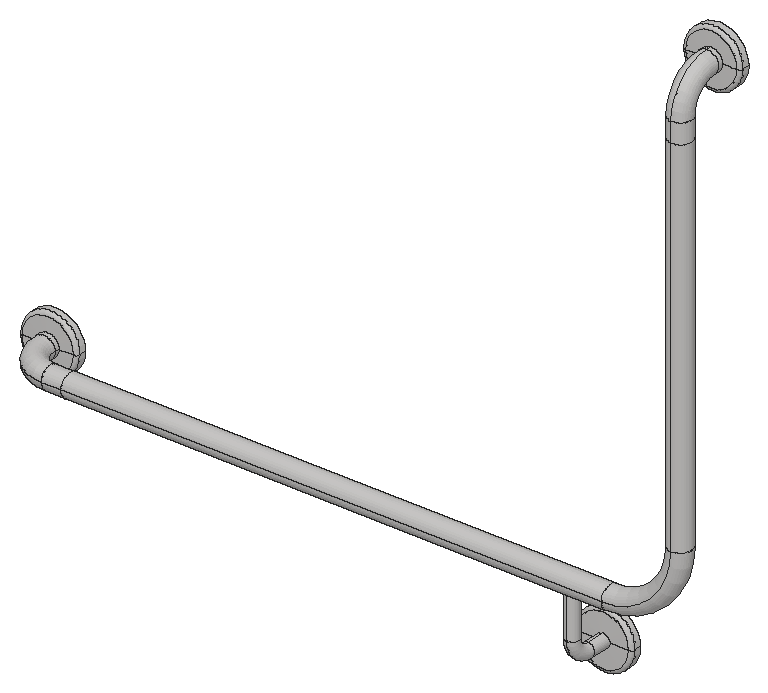
Revit family "RBA4090-901", category Plumbing Fixtures, Revit 2021
Family settings
  Round Connector Dimension = Use Diameter
  Part Type = Normal
  Work Plane-Based = No
  Always vertical = Yes
  Cut with Voids When Loaded = No
  Shared = No
  Room Calculation Point = No
Parameters (values of type "RBA4090-901")
  Watermarked By = "www.rba.com.au"
  URL = "www.rba.com.au"
  R_Void [instance] = 15.00 mm
  R [instance] = 0.00 mm
  Phone Number = ""
  Modified Issue = "20180918.01"
  Model = "RBA4090-901"
  Materials and Finishes = Stainless Steel, Satin Finish
  Manufacturer Model = "B819436"
  Manufacturer = "RBA Group"
  Description = "90° Angled Grab Rails"
  Default Elevation = 0.00 mm
  Copyrighted by = "RBA Group"  # constant formula
  Assembly Code = ""
Reference planes
  plane 1 "Center (Front/Back)": y = 0
  plane 2: z = 0
  plane 3: x = 40.5
  plane 4: z = -30
  plane 5: z = 30
  plane 6: x = 70.5
  plane 7: x = 10.5
  plane 8: x = 990.5
  plane 9: x = 515.5
  plane 10: z = 670
  plane 11: z = 730
  plane 12: x = 960.5
  plane 13: x = 1020.5
  plane 14: z = 700
  plane 15: z = -130
  plane 16: z = -70
  plane 17: x = 865.5
  plane 18: x = 805.5
  plane 19: x = 835.5
  plane 20: z = -100
  plane 21: x = 974.5
  plane 22: z = 16
  plane 23: y = -70
  plane 24: y = -86
  plane 25: y = -54
  plane 26: y = -79.5
  plane 27: y = -60.5
Forms (mm)
  Extrusion 1, solid, material "Rail Steel"
    sketch origin (40.5, -2.628, 315.907) x (0, 0, -1) y (-1, 0, 0)
      loop
        circle (315.907, 0) r 40
    from -0.219 to 2.628
  Revolve 2, solid, material "Rail Steel"
    sketch origin (40.5, 18.663, 0) x (0, -1, 0) y (1, 0, 0)
      loop
        line (18.663, 0) -> (18.663, -41.5) -> (27.844, -41.5)
        arc (27.844, -41.5) -> (31.337, -40.077) -> (32.842, -36.617) r 5
        line (32.842, -36.617) -> (33.701, 0) -> (18.663, 0)
      axis (18.663, 0) -> (33.701, 0)
    angle from 0 to 360
  Extrusion 3, void
    sketch origin (40.5, 34.941, 315.907) x (0, 0, -1) y (-1, 0, 0)
      loop
        circle (315.907, -30) r 5
      loop
        circle (315.907, 30) r 5
    from -37.788 to -30
  Sweep 4, solid, material "Rail Steel"
    path origin (40.5, 12.454, 0) x (0, -1, 0) y (-1, 0, 0)
      loop
        line (12.454, 0) -> (34.454, 0)
        arc (34.454, 0) -> (68.395, -14.059) -> (82.454, -48) r 48
        line (82.454, -48) -> (82.454, -76)
    profile origin (40.5, -11, 0) x (1, 0, 0) y (0, 0, 1)
      loop
        circle (0, 0) r 16
  Extrusion 5, solid, material "Rail Steel"
    sketch origin (990.5, -2.628, 1015.907) x (0, 0, -1) y (-1, 0, 0)
      loop
        circle (315.907, 0) r 40
    from -0.219 to 2.628
  Extrusion 6, void
    sketch origin (990.5, 34.941, 1015.907) x (0, 0, -1) y (-1, 0, 0)
      loop
        circle (315.907, 30) r 5
      loop
        circle (315.907, -30) r 5
    from -37.788 to -30
  Sweep 7, solid, material "Rail Steel"
    path origin (1690.5, 12.454, 700) x (0, -1, 0) y (0, 0, 1)
      loop
        line (12.454, 0) -> (34.454, 0)
        arc (34.454, 0) -> (68.395, -14.059) -> (82.454, -48) r 48
        line (82.454, -48) -> (82.454, -76)
    profile origin (1690.5, -11, 700) x (0, 0, 1) y (-1, 0, 0)
      loop
        circle (0, 700) r 16
  Revolve 8, solid, material "Rail Steel"
    sketch origin (990.5, 18.663, 700) x (0, -1, 0) y (1, 0, 0)
      loop
        line (18.663, 0) -> (33.701, 0) -> (32.842, 36.617)
        arc (32.842, 36.617) -> (31.337, 40.077) -> (27.844, 41.5) r 5
        line (27.844, 41.5) -> (18.663, 41.5) -> (18.663, 0)
      axis (18.663, 0) -> (33.701, 0)
    angle from 0 to 360
  Sweep 9, solid, material "Rail Steel"
    path origin (0, 0, 0) x (1, 0, 0) y (0, 0, 1)
      loop
        line (116.5, 0) -> (890.5, 0)
        arc (890.5, 0) -> (961.211, 29.289) -> (990.5, 100) r 100
        line (990.5, 100) -> (990.5, 624)
    profile origin (503.5, 0, 0) x (0, 0, 1) y (0, -1, 0)
      loop
        circle (0, 70) r 16
  Extrusion 10, solid, material "Rail Steel"
    sketch origin (835.5, -2.628, 215.907) x (0, 0, -1) y (-1, 0, 0)
      loop
        circle (315.907, 0) r 40
    from -0.219 to 2.628
  Revolve 11, solid, material "Rail Steel"
    sketch origin (835.5, 18.663, -100) x (0, -1, 0) y (1, 0, 0)
      loop
        line (18.663, 0) -> (18.663, -41.5) -> (27.844, -41.5)
        arc (27.844, -41.5) -> (31.337, -40.077) -> (32.842, -36.617) r 5
        line (32.842, -36.617) -> (33.701, 0) -> (18.663, 0)
      axis (18.663, 0) -> (33.701, 0)
    angle from 0 to 360
  Sweep 12, solid, material "Rail Steel"
    path origin (835.5, 12.454, -100) x (0, -1, 0) y (0, 0, -1)
      loop
        line (12.454, 0) -> (54.454, 0)
        arc (54.454, 0) -> (74.253, -8.201) -> (82.454, -28) r 28
        line (82.454, -28) -> (82.454, -100)
    profile origin (835.5, -21, -100) x (0, 0, -1) y (1, 0, 0)
      loop
        circle (0, 0) r 9.5
  Extrusion 13, void
    sketch origin (835.5, 34.941, 215.907) x (0, 0, -1) y (-1, 0, 0)
      loop
        circle (315.907, -30) r 5
      loop
        circle (315.907, 30) r 5
    from -37.788 to -30
Cuts and joins
  Extrusion 3, Extrusion 6, Extrusion 13 cuts Extrusion 1
  Extrusion 3, Extrusion 6, Extrusion 13 cuts Revolve 2
  Extrusion 13 cuts Sweep 4
  Extrusion 6 cuts Revolve 8
  Extrusion 13 cuts Revolve 11
  joined: Revolve 2, Sweep 4, Sweep 7, Revolve 8, Sweep 9, Revolve 11, Sweep 12
  Extrusion 6 cuts Extrusion 5
  Extrusion 13 cuts Extrusion 10
Dimensions and locks
  Revolve 2 sketch curve to Revolve 2 sketch curve = 41.50 mm
  plane 5 to level to plane 4 = 30.00 mm, 30.00 mm
  plane 7 to plane 6 = 60.00 mm
  plane 11 to plane 10 = 60.00 mm
  plane 12 to plane 13 = 60.00 mm
  Revolve 8 sketch curve to Revolve 8 sketch curve = 41.50 mm
  Revolve 11 sketch curve to Revolve 11 sketch curve = 41.50 mm
  plane 16 to plane 15 = 60.00 mm
  plane 18 to plane 17 = 60.00 mm
  level to plane 20 = 100.00 mm
  plane 14 to level = 700.00 mm
  plane 8 to plane 19 = 155.00 mm
  plane 8 to plane 3 = 950.00 mm
  radius of Extrusion 1 sketch curve = 40.00 mm
  radius of Sweep 4 sketch curve = 16.00 mm
  radius of Extrusion 5 sketch curve = 40.00 mm
  radius of Sweep 7 sketch curve = 16.00 mm
  radius of Extrusion 10 sketch curve = 40.00 mm
  radius of Sweep 12 sketch curve = 9.50 mm
  aligned and locked: Revolve 2 to Extrusion 1
  aligned and locked: Revolve 11 to Extrusion 10
